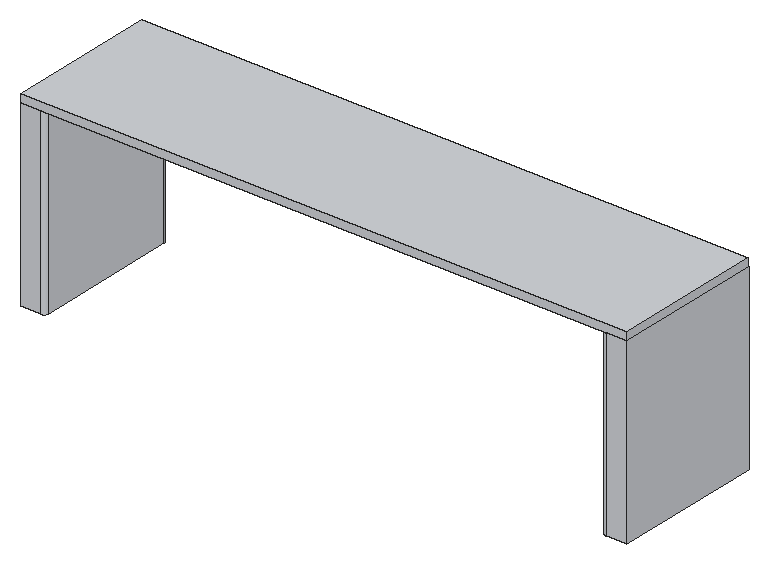
Revit family "Bernhardt_Design-Tables-Freestanding-Block_30h_Narrow-Blueprint", category Furniture, Revit 2016
Family settings
  OmniClass Number = 23.40.20.00
  OmniClass Title = General Furniture and Specialties
  Work Plane-Based = No
  Always vertical = Yes
  Cut with Voids When Loaded = No
  Shared = No
  Room Calculation Point = No
Parameters (values of type "BPS-AKV-CCSQ000")
  Wood = none
  URL = "http://www.bernhardtdesign.com"
  TotalWidth = 96"
  TotalDepth = 24"
  TableWidth = TotalWidth / 2  # 48"
  TableTopHeight = TotalHeight - 1 1/4"  # 28 3/4"
  TotalHeight = 30"
  TableTop = none
  TableDepth = TotalDepth / 2  # 12"
  Spacer_96in = yes
  Spacer_72in = yes
  Spacer_120in = no
  SKU = "BPS-AKV-CCSQ000"
  RailCapFront = RailCap + 2"  # 2"
  RailCap = 0"
  Model = "Blueprint"  # constant formula
  Manufacturer = "Bernhardt Design"  # constant formula
  Railing_bottom = -Railing_top  # -42"
  Railing_top = CapDistance - 2"  # 42"
  LegDistance = 20"
  LegHeight = TableTopHeight  # 28 3/4"
  Copyright © = "Copyright © Bernhardt Design"  # constant formula
  Catalog = SKU  # "BPS-AKV-CCSQ000"
  CapDistance = 44"
  Blueprint Gray = Blueprint Gray
  BlackPaint = Black Paint
  Authoring Version = "Autodesk Revit 2016"  # constant formula
Types (6): name | TotalWidth | TotalDepth | TableWidth | TableDepth | Spacer_96in | SKU | Railing_bottom | Railing_top | Catalog | CapDistance
  BPS-AGV-CCSQ000 | 72" | 24" | 36" | 12" | no | "BPS-AGV-CCSQ000" | -30" | 30" | "BPS-AGV-CCSQ000" | 32"
  BPS-AKV-CCSQ000 | 96" | 24" | 48" | 12" | yes | "BPS-AKV-CCSQ000" | -42" | 42" | "BPS-AKV-CCSQ000" | 44"
  BPS-A0V-CCSQ000 | 120" | 24" | 60" | 12" | yes | "BPS-A0V-CCSQ000" | -54" | 54" | "BPS-A0V-CCSQ000" | 56"
  BPS-AG0-CCSQ000 | 72" | 30" | 36" | 15" | no | "BPS-AG0-CCSQ000" | -30" | 30" | "BPS-AG0-CCSQ000" | 32"
  BPS-A00-CCSQ000 | 120" | 30" | 60" | 15" | yes | "BPS-A00-CCSQ000" | -54" | 54" | "BPS-A00-CCSQ000" | 56"
  BPS-AK0-CCSQ000 | 96" | 30" | 48" | 15" | yes | "BPS-AK0-CCSQ000" | -42" | 42" | "BPS-AK0-CCSQ000" | 44"
Reference planes (in)
  plane 1 "Center Front/Back": y = 0
  plane 2: z = 0
  plane 3 "Center Left/Right": x = 0
  plane 4 "railTop_plane": z = 27.8248
  plane 5 "TableTop_plane": z = 30
  plane 6 "tableBottom_plane": z = 28.75
  plane 7 "railBottom_plane": z = 25.79724
  plane 8 "Crossbar_top_plane": y = 12.06057
  plane 9 "Crossbar_bottom_plane": y = -12.16143
  plane 10 "width_left_plane": x = -48
  plane 11 "width_right_plane": x = 48
  plane 12 "depth_top_plane": y = 12
  plane 13 "depth_bottom_plane": y = -12
  plane 14 "RailEnd_right_plane": x = 44
  plane 15 "RailEnd_left_plane": x = -44
  plane 16 "EndCap_right_plane": x = 45.74932
  plane 17 "EndCap_left_plane": x = -45.74269
Forms (in)
  Extrusion 1, solid, material <- "TableTop"
    sketch origin (0, 0, 0) x (1, 0, 0) y (0, 1, 0)
      loop
        line (-48, 12) -> (-48, -12) -> (48, -12) -> (48, 12) -> (-48, 12)
    from 30 <- "TotalHeight" to 28.75 <- "TableTopHeight"
  Extrusion 2, solid, material "Blueprint Gray" <- "Blueprint Gray"
    sketch origin (0, -6.68362, 17.41142) x (0, -1, 0) y (0, 0, 1)
      loop
        arc (-2.89737, 10.41338) -> (-2.95223, 10.39066) -> (-2.97495, 10.3358) r 0.07758
        line (-2.97495, 10.3358) -> (-2.97495, 8.46243)
        arc (-2.97495, 8.46243) -> (-2.95252, 8.40826) -> (-2.89835, 8.38583) r 0.0766
        line (-2.89835, 8.38583) -> (-1.25923, 8.38583)
        arc (-1.25923, 8.38583) -> (-1.20442, 8.40853) -> (-1.18172, 8.46334) r 0.07751
        line (-1.18172, 8.46334) -> (-1.18172, 10.334)
        arc (-1.18172, 10.334) -> (-1.20497, 10.39013) -> (-1.2611, 10.41338) r 0.07938
        line (-1.2611, 10.41338) -> (-2.89737, 10.41338)
      loop
        arc (-12.10603, 10.41338) -> (-12.16089, 10.39066) -> (-12.18362, 10.3358) r 0.07758
        line (-12.18362, 10.3358) -> (-12.18362, 8.46243)
        arc (-12.18362, 8.46243) -> (-12.16118, 8.40826) -> (-12.10701, 8.38583) r 0.0766
        line (-12.10701, 8.38583) -> (-10.4679, 8.38583)
        arc (-10.4679, 8.38583) -> (-10.41309, 8.40853) -> (-10.39038, 8.46334) r 0.07751
        line (-10.39038, 8.46334) -> (-10.39038, 10.334)
        arc (-10.39038, 10.334) -> (-10.41363, 10.39013) -> (-10.46976, 10.41338) r 0.07938
        line (-10.46976, 10.41338) -> (-12.10603, 10.41338)
    from -42 <- "Railing_bottom" to 42 <- "Railing_top"
  Extrusion 3, solid, material "Blueprint Gray" <- "Blueprint Gray"
    sketch origin (44, 0, 0) x (0, 0, -1) y (0, -1, 0)
      loop
        line (-28.75, -5.53436) -> (-25.7432, -5.53436) -> (-25.7432, -3.65936) -> (-28.75, -3.65936) -> (-28.75, -5.53436)
      loop
        line (-28.75, 3.65936) -> (-25.7432, 3.65936) -> (-25.7432, 5.52374) -> (-28.75, 5.52374) -> (-28.75, 3.65936)
    from 0 <- "RailCap" to 2 <- "RailCapFront"
  Extrusion 4, solid, material "Blueprint Gray" <- "Blueprint Gray"
    sketch origin (-44, 0, 0) x (0, 0, 1) y (0, -1, 0)
      loop
        line (28.75, -5.53436) -> (28.75, -3.65936) -> (25.7432, -3.65936) -> (25.7432, -5.53436) -> (28.75, -5.53436)
      loop
        line (28.75, 3.65936) -> (28.75, 5.52374) -> (25.7432, 5.52374) -> (25.7432, 3.65936) -> (28.75, 3.65936)
    from 0 <- "RailCap" to 2 <- "RailCapFront"
  Extrusion 5, solid, material "Blueprint Gray" <- "Blueprint Gray", visible <- "Spacer_72in"
    sketch origin (13.14909, 0, 0) x (0, -1, 0) y (0, 0, 1)
      loop
        line (-5.50051, 28.75) -> (-5.50051, 27.8248) -> (-3.6733, 27.8248) -> (-3.6733, 28.75) -> (-5.50051, 28.75)
      loop
        line (3.66998, 28.75) -> (3.66998, 27.8248) -> (5.49719, 27.8248) -> (5.49719, 28.75) -> (3.66998, 28.75)
    from 12.39763 to 13.89763
  Extrusion 6, solid, material "Blueprint Gray" <- "Blueprint Gray", visible <- "Spacer_72in"
    sketch origin (-31.18161, 0, 0) x (0, -1, 0) y (0, 0, -1)
      loop
        line (-5.50051, -28.75) -> (-3.6733, -28.75) -> (-3.6733, -27.8248) -> (-5.50051, -27.8248) -> (-5.50051, -28.75)
      loop
        line (3.66998, -28.75) -> (5.49719, -28.75) -> (5.49719, -27.8248) -> (3.66998, -27.8248) -> (3.66998, -28.75)
    from 12.39763 to 13.89763
  Extrusion 7, solid, material "Blueprint Gray" <- "Blueprint Gray", visible <- "Spacer_72in"
    sketch origin (31.18451, 0, 0) x (0, -1, 0) y (0, 0, 1)
      loop
        line (-5.50051, 28.75) -> (-5.50051, 27.8248) -> (-3.6733, 27.8248) -> (-3.6733, 28.75) -> (-5.50051, 28.75)
      loop
        line (3.66998, 28.75) -> (3.66998, 27.8248) -> (5.49719, 27.8248) -> (5.49719, 28.75) -> (3.66998, 28.75)
    from 12.39763 to 13.89763
  Extrusion 8, solid
    sketch origin (-12, -2, 0) x (-1, 0, 0) y (0, -1, 0)
      loop
        line (36, -14) -> (36, 10) -> (32.82201, 10)
        arc (32.82201, 10) -> (32.32077, 9.84235) -> (32, 9.42617) r 0.87568
        line (32, 9.42617) -> (32, -13.42617)
        arc (32, -13.42617) -> (32.32077, -13.84235) -> (32.82201, -14) r 0.87568
        line (32.82201, -14) -> (36, -14)
    from 0 to 28.75 <- "LegHeight"
  Extrusion 9, solid
    sketch origin (12, 0, 0) x (1, 0, 0) y (0, 1, 0)
      loop
        line (36, 12) -> (32.82473, 12)
        arc (32.82473, 12) -> (32.31983, 11.83963) -> (32, 11.4173) r 0.875
        line (32, 11.4173) -> (32, -11.4173)
        arc (32, -11.4173) -> (32.31983, -11.83963) -> (32.82473, -12) r 0.875
        line (32.82473, -12) -> (36, -12) -> (36, 12)
    from 0 to 28.75 <- "LegHeight"
  Extrusion 10, solid, material "Blueprint Gray" <- "Blueprint Gray", visible <- "Spacer_96in"
    sketch origin (-49.21996, 0, 0) x (0, -1, 0) y (0, 0, -1)
      loop
        line (-5.50051, -28.75) -> (-3.6733, -28.75) -> (-3.6733, -27.8248) -> (-5.50051, -27.8248) -> (-5.50051, -28.75)
      loop
        line (3.66998, -28.75) -> (5.49719, -28.75) -> (5.49719, -27.8248) -> (3.66998, -27.8248) -> (3.66998, -28.75)
    from 12.39763 to 13.89763
  Extrusion 11, solid, material "Blueprint Gray" <- "Blueprint Gray", visible <- "Spacer_96in"
    sketch origin (49.21994, 0, 0) x (0, -1, 0) y (0, 0, 1)
      loop
        line (-5.50051, 28.75) -> (-5.50051, 27.8248) -> (-3.6733, 27.8248) -> (-3.6733, 28.75) -> (-5.50051, 28.75)
      loop
        line (3.66998, 28.75) -> (3.66998, 27.8248) -> (5.49719, 27.8248) -> (5.49719, 28.75) -> (3.66998, 28.75)
    from 12.39763 to 13.89763
Dimensions and locks (in)
  "TotalHeight": plane 5 "TableTop_plane" to level
  "TableDepth": plane 1 "Center Front/Back" to plane 12 "depth_top_plane"
  "TableDepth": plane 13 "depth_bottom_plane" to plane 1 "Center Front/Back"
  "TableWidth": plane 10 "width_left_plane" to plane 3 "Center Left/Right"
  "TableWidth": plane 3 "Center Left/Right" to plane 11 "width_right_plane"
  locked: plane 17 "EndCap_left_plane" to plane 15 "RailEnd_left_plane" at 1.74269
  locked: plane 14 "RailEnd_right_plane" to plane 16 "EndCap_right_plane" at 1.74932
  "CapDistance": plane 15 "RailEnd_left_plane" to plane 3 "Center Left/Right"
  "CapDistance": plane 3 "Center Left/Right" to plane 14 "RailEnd_right_plane"
  locked: plane 5 "TableTop_plane" to plane 7 "railBottom_plane" at 4.20276
  locked: plane 4 "railTop_plane" to plane 7 "railBottom_plane" at 2.02756
  locked: plane 6 "tableBottom_plane" to plane 4 "railTop_plane" at 0.9252
  "TotalDepth": Extrusion 8 sketch curve to Extrusion 8 sketch curve
  "TableDepth": plane 1 "Center Front/Back" to Extrusion 8
  "TotalDepth": Extrusion 9 sketch curve to Extrusion 9 sketch curve
  "TableDepth": plane 1 "Center Front/Back" to Extrusion 9
  radius of Extrusion 8 sketch curve = 0.87568"  (x2)
  radius of Extrusion 9 sketch curve = 7/8"  (x2)
  aligned and locked: level to plane 2
  aligned and locked: Extrusion 1 to plane 12 "depth_top_plane"
  aligned and locked: plane 11 "width_right_plane" to Extrusion 1
  aligned and locked: Extrusion 1 to plane 10 "width_left_plane"
  aligned and locked: plane 13 "depth_bottom_plane" to Extrusion 1
  aligned and locked: Extrusion 8 to Extrusion 1
  aligned and locked: Extrusion 9 to Extrusion 1
Automatic sketch dimensions
  plane 7 "railBottom_plane" to Extrusion 2 sketch curve = 0"  (x2)
  plane 4 "railTop_plane" to Extrusion 2 sketch curve = 0"  (x2)
  Extrusion 2 sketch curve to plane 7 "railBottom_plane" = 0.0766"  (x2)
  Extrusion 2 sketch curve to plane 8 "Crossbar_top_plane" = 6.56057"
  Extrusion 2 sketch curve to Extrusion 2 sketch curve = 0.07758"
  Extrusion 2 sketch curve to Extrusion 2 sketch curve = 1.63627"  (x2)
  Extrusion 2 sketch curve to plane 7 "railBottom_plane" = 0.07751"  (x2)
  Extrusion 2 sketch curve to Extrusion 2 sketch curve = 1.63912"  (x2)
  plane 4 "railTop_plane" to Extrusion 2 sketch curve = 0.07758"
  plane 1 "Center Front/Back" to Extrusion 2 sketch curve = 3.70866"
  Extrusion 3 sketch curve to plane 6 "tableBottom_plane" = 0"  (x2)
  plane 7 "railBottom_plane" to Extrusion 3 sketch curve = 0.05404"  (x2)
  Extrusion 3 sketch curve to plane 8 "Crossbar_top_plane" = 6.5262"
  Extrusion 3 sketch curve to Extrusion 3 sketch curve = 1 7/8"
  plane 1 "Center Front/Back" to Extrusion 3 sketch curve = 3.65936"
  Extrusion 3 sketch curve to Extrusion 3 sketch curve = 1.86438"
  Extrusion 4 sketch curve to plane 6 "tableBottom_plane" = 0"  (x2)
  plane 7 "railBottom_plane" to Extrusion 4 sketch curve = 0.05404"  (x2)
  Extrusion 4 sketch curve to plane 8 "Crossbar_top_plane" = 6.5262"
  Extrusion 4 sketch curve to Extrusion 4 sketch curve = 1 7/8"
  plane 1 "Center Front/Back" to Extrusion 4 sketch curve = 3.65936"
  Extrusion 4 sketch curve to Extrusion 4 sketch curve = 1.86438"
  plane 4 "railTop_plane" to Extrusion 5 sketch curve = 0"  (x2)
  Extrusion 5 sketch curve to plane 6 "tableBottom_plane" = 0"  (x2)
  Extrusion 5 sketch curve to plane 8 "Crossbar_top_plane" = 6.56006"
  Extrusion 5 sketch curve to Extrusion 5 sketch curve = 1.82721"  (x2)
  plane 1 "Center Front/Back" to Extrusion 5 sketch curve = 3.66998"
  plane 4 "railTop_plane" to Extrusion 6 sketch curve = 0"  (x2)
  Extrusion 6 sketch curve to plane 6 "tableBottom_plane" = 0"  (x2)
  Extrusion 6 sketch curve to plane 8 "Crossbar_top_plane" = 6.56006"
  Extrusion 6 sketch curve to Extrusion 6 sketch curve = 1.82721"  (x2)
  plane 1 "Center Front/Back" to Extrusion 6 sketch curve = 3.66998"
  plane 4 "railTop_plane" to Extrusion 7 sketch curve = 0"  (x2)
  Extrusion 7 sketch curve to plane 6 "tableBottom_plane" = 0"  (x2)
  Extrusion 7 sketch curve to plane 8 "Crossbar_top_plane" = 6.56006"
  Extrusion 7 sketch curve to Extrusion 7 sketch curve = 1.82721"  (x2)
  plane 1 "Center Front/Back" to Extrusion 7 sketch curve = 3.66998"
  plane 4 "railTop_plane" to Extrusion 10 sketch curve = 0"  (x2)
  Extrusion 10 sketch curve to plane 6 "tableBottom_plane" = 0"  (x2)
  Extrusion 10 sketch curve to plane 8 "Crossbar_top_plane" = 6.56006"
  Extrusion 10 sketch curve to Extrusion 10 sketch curve = 1.82721"  (x2)
  plane 1 "Center Front/Back" to Extrusion 10 sketch curve = 3.66998"
  plane 4 "railTop_plane" to Extrusion 11 sketch curve = 0"  (x2)
  Extrusion 11 sketch curve to plane 6 "tableBottom_plane" = 0"  (x2)
  Extrusion 11 sketch curve to plane 8 "Crossbar_top_plane" = 6.56006"
  Extrusion 11 sketch curve to Extrusion 11 sketch curve = 1.82721"  (x2)
  plane 1 "Center Front/Back" to Extrusion 11 sketch curve = 3.66998"
  Extrusion 1 sketch curve to plane 10 "width_left_plane" = 0"
  Extrusion 1 sketch curve to plane 11 "width_right_plane" = 0"
  plane 13 "depth_bottom_plane" to Extrusion 1 sketch curve = 0"
  plane 12 "depth_top_plane" to Extrusion 1 sketch curve = 0"
  Extrusion 8 sketch curve to plane 15 "RailEnd_left_plane" = 0"
  plane 12 "depth_top_plane" to Extrusion 8 sketch curve = 0"
  Extrusion 8 sketch curve to plane 10 "width_left_plane" = 0"
  Extrusion 8 sketch curve to Extrusion 8 sketch curve = 0.82201"  (x2)
  Extrusion 9 sketch curve to plane 14 "RailEnd_right_plane" = 0"
  plane 13 "depth_bottom_plane" to Extrusion 9 sketch curve = 0"
  Extrusion 9 sketch curve to plane 11 "width_right_plane" = 0"
  Extrusion 9 sketch curve to Extrusion 9 sketch curve = 0.82473"  (x2)
